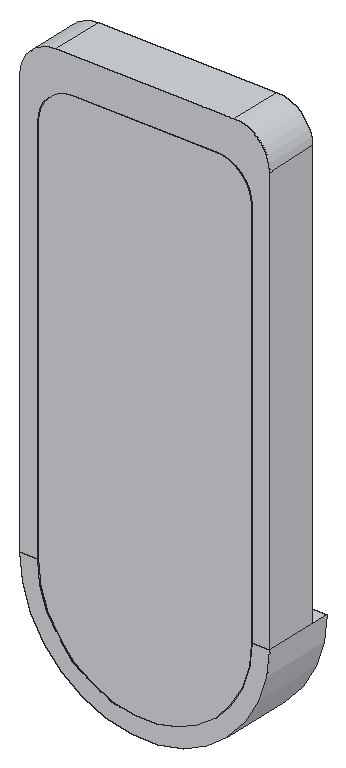
Revit family
Parameters
  Bowl Height = 610.00 mm
  Urinal Material = Porcelain - Ivory
Reference planes
  plane 1: y = 0
  plane 2: x = -109.075
  plane 3: y = 76.2
  plane 4: z = 610
Forms (mm)
  Revolve 1, solid
    sketch origin (0, 0, 610) x (1, 0, 0) y (0, 1, 0)
      loop
        arc (43.325, 177.8) -> (-22.648, 237.689) -> (-109.075, 259.362) r 183.162
        line (-109.075, 259.362) -> (-109.075, 235.645)
        arc (-109.075, 235.645) -> (-14.34, 204.45) -> (43.325, 123.071) r 159.445
        line (43.325, 123.071) -> (43.325, 76.2) -> (68.725, 76.2) -> (68.725, 177.8) -> (43.325, 177.8)
      axis (-109.075, 259.362) -> (-109.075, 76.2)
    angle from 0 to 180
  Extrusion 2, solid
    sketch origin (-1524, 76.2, 0) x (-1, 0, 0) y (0, 0, 1)
      loop
        arc (-1567.325, 610) -> (-1414.925, 457.6) -> (-1262.525, 610) r 152.4
        line (-1262.525, 610) -> (-1262.525, 1168.8)
        arc (-1262.525, 1168.8) -> (-1277.404, 1204.721) -> (-1313.325, 1219.6) r 50.8
        line (-1313.325, 1219.6) -> (-1516.525, 1219.6)
        arc (-1516.525, 1219.6) -> (-1552.446, 1204.721) -> (-1567.325, 1168.8) r 50.8
        line (-1567.325, 1168.8) -> (-1567.325, 610)
    from 0 to 12.7
  Extrusion 3, solid
    sketch origin (-1524, 76.2, 0) x (-1, 0, 0) y (0, 0, 1)
      loop
        line (-1592.725, 610) -> (-1567.325, 610) -> (-1567.325, 1168.8)
        arc (-1567.325, 1168.8) -> (-1552.446, 1204.721) -> (-1516.525, 1219.6) r 50.8
        line (-1516.525, 1219.6) -> (-1313.325, 1219.6)
        arc (-1313.325, 1219.6) -> (-1277.404, 1204.721) -> (-1262.525, 1168.8) r 50.8
        line (-1262.525, 1168.8) -> (-1262.525, 610) -> (-1237.125, 610) -> (-1237.125, 1219.6)
        arc (-1237.125, 1219.6) -> (-1252.004, 1255.521) -> (-1287.925, 1270.4) r 50.8
        line (-1287.925, 1270.4) -> (-1541.925, 1270.4)
        arc (-1541.925, 1270.4) -> (-1577.846, 1255.521) -> (-1592.725, 1219.6) r 50.8
        line (-1592.725, 1219.6) -> (-1592.725, 610)
    from 0 to 76.2
Lines and regions (mm)
  symbolic lines
    curve 1: line (-261.475, 76.2, 0) -> (-286.875, 76.2, 0)
    curve 2: line (-261.475, 177.8, 0) -> (-261.475, 76.2, 0)
    curve 3: line (-286.875, 177.8, 0) -> (-261.475, 177.8, 0)
    curve 4: line (-286.875, 76.2, 0) -> (-286.875, 177.8, 0)
    curve 5: line (43.325, 76.2, 0) -> (69.24, 76.2, 0)
    curve 6: line (43.325, 177.8, 0) -> (43.325, 76.2, 0)
    curve 7: line (69.24, 177.8, 0) -> (43.325, 177.8, 0)
    curve 8: line (69.24, 76.2, 0) -> (69.24, 177.8, 0)
    curve 9: arc (-261.475, 177.8, 0) -> (-109.075, 264.019, 0) -> (43.325, 177.8, 0) r 177.8
    curve 10: line (-261.475, 76.2, 0) -> (43.325, 76.2, 0)
    curve 11: line (-261.475, 127, 0) -> (-261.475, 76.2, 0)
    curve 12: line (43.325, 127, 0) -> (-261.475, 127, 0)
    curve 13: line (43.325, 76.2, 0) -> (43.325, 127, 0)
Text (mm)
  text "Interior" at (0, 302.258, 2004.463), in view "Right"
  text "Interior" at (0, 964.991, 1761.477), in view "Left"
Dimensions and locks
  "Bowl Height": level to plane 4
  aligned and locked: plane 3 to host wall
Automatic sketch dimensions
  Revolve 1 sketch curve to plane 2 = 0.00 mm  (x2)
  Revolve 1 sketch curve to plane 3 = 0.00 mm  (x3)
  Revolve 1 sketch curve to plane 2 = 152.40 mm
  Revolve 1 sketch curve to Revolve 1 sketch curve = 0.00 mm
  Revolve 1 sketch curve to Revolve 1 sketch curve = 25.40 mm
  Revolve 1 sketch curve to Revolve 1 sketch curve = 46.871 mm
  Revolve 1 sketch curve to Revolve 1 sketch curve = 54.729 mm
  Revolve 1 sketch curve to Revolve 1 sketch curve = 55.248 mm
  Revolve 1 sketch curve to Revolve 1 sketch curve = 50.80 mm
  curve 9 to plane 2 = 0.00 mm
  curve 6 to plane 3 = 0.00 mm
  plane 2 to curve 1 = 152.40 mm
  curve 4 to curve 3 = 25.40 mm
  curve 6 to plane 2 = 152.40 mm
  curve 5 to curve 5 = 25.914 mm
  curve 9 to plane 3 = 10.019 mm
  curve 10 to curve 13 = 50.80 mm
  curve 12 to curve 9 = 50.80 mm
  Extrusion 2 sketch curve to plane 4 = 0.00 mm
  Extrusion 2 sketch curve to plane 2 = 0.00 mm
  Extrusion 2 sketch curve to plane 2 = 101.60 mm
  Extrusion 2 sketch curve to Extrusion 2 sketch curve = 50.80 mm  (x2)
  Extrusion 2 sketch curve to Extrusion 2 sketch curve = 558.80 mm
  Extrusion 3 sketch curve to plane 4 = 0.00 mm  (x2)
  Extrusion 3 sketch curve to plane 2 = 177.80 mm
  Extrusion 3 sketch curve to Extrusion 3 sketch curve = 25.40 mm  (x3)
  Extrusion 3 sketch curve to Extrusion 3 sketch curve = 50.80 mm  (x3)
  plane 2 to Extrusion 3 sketch curve = 101.60 mm
  plane 2 to Extrusion 3 sketch curve = 152.40 mm
  Extrusion 3 sketch curve to Extrusion 3 sketch curve = 558.80 mm
